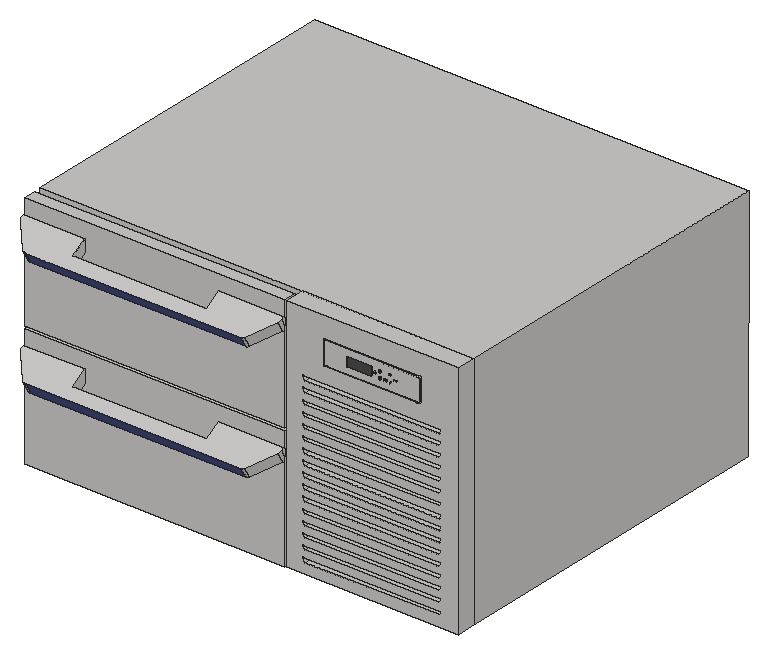
Revit family "QF_ELECTROLUXPROFESSIONAL_589680_MC6HDAJOBO", category Attrezzature speciali, Revit 2020
Family settings
  Quota connettore circolare = Usa diametro
  Tipo di parte = Normale
  Basato su piano di lavoro = No
  Sempre verticale = Sì
  Taglio con vuoti quando caricato = No
  Condiviso = No
  Punto di calcolo locali = No
Parameters (values of type "Standard")
  Weight = 130.00 kg
  Watts = 480 W
  Volts = 220 V
  URL Manufacturer = "https://www.electroluxprofessional.com/"
  URL = "https://www.electroluxprofessional.com/"
  Steam Supply Size = 0"
  Steam Supply Minimum Pressure = 0.00 psi
  Steam Supply Maximum Pressure = 0.00 psi
  Steam Consumption per Hour = 0
  Refrigeration Suction Line Size = 0 mm
  Refrigeration Liquid Line Size = 0 mm
  Refrigerant Compressor Remote = yes
  Prospetto di default = 0 mm
  Phase = 1
  Modello = "MC6HDAJOBO"
  Produttore = "Electrolux Professional"
  Length Actual = 1000 mm  # constant formula
  Item Number = "589680"
  Hot Water Size = 0"
  Height Actual = 550 mm  # constant formula
  HP = "0.6 HP"
  Gas Size = 0"
  Gas KW = 0
  Gas Input Pressure = 0.0 Btu/h
  Direct Waste Size = 0"
  Descrizione = "REF-FREEZER BASE,2DRAWERS,GN1/1,1S,1000X900X550H - R290"
  Depth Actual = 900 mm  # constant formula
  Cycle = 50 Hz
  Condensate Return Size = 0"
  Compressed Air Volume = 0 GPM
  Compressed Air Size = 0"
  Compressed Air Pressure = 0.00 psi
  Cold Water Size = 0"
  Accessory = yes
Reference planes
  plane 1 "BACK": y = 0
  plane 2: z = 0
  plane 3 "LEFT": x = -100
  plane 4 "RIGHT": x = 900
  plane 5 "FRONT": y = -900
  plane 6 "TOP": z = 900
  plane 7 "Center (Left/Right)": x = 400
  plane 8: y = -450
  plane 9: z = 100
  plane 10: y = -150
  plane 11 "Panel": y = -835
  plane 12: z = 798
  plane 13: x = -22
  plane 14: x = 822
  plane 15: y = -150
  plane 16: y = -650
  plane 17 "EIx": x = 770
  plane 18 "EIy": y = -85
  plane 19: z = 650
  plane 20 "GasX": x = 670
  plane 21 "EI2x": x = 600
  plane 22: y = -45
  plane 23: y = -880
Forms (mm)
  Extrusion 1, solid, material "QF_Finishes_Stainless Steel"
    sketch origin (-488.969, -4662, 100) x (-1, 0, 0) y (0, -1, 0)
      loop
        circle (-1258.969, -4577) r 6.35
    from 0 to -11.851
  Extrusion 2, solid, material "QF_Finishes_Stainless Steel"
    sketch origin (-178.969, -4572, 100) x (-1, 0, 0) y (0, -1, 0)
      loop
        line (-78.969, -4527) -> (-78.969, -3737) -> (-1078.969, -3737) -> (-1078.969, -4527) -> (-78.969, -4527)
    from 550 to 0
  Extrusion 3, solid, material "QF_Finishes_Stainless Steel"
    sketch origin (-658.969, -4662, 100) x (-1, 0, 0) y (0, -1, 0)
      loop
        circle (-1258.969, -4577) r 6.35
    from 0 to -11.851
  Extrusion 4, solid, material "QF_Finishes_Stainless Steel"
    sketch origin (-588.969, -4662, 100) x (-1, 0, 0) y (0, -1, 0)
      loop
        circle (-1258.969, -4577) r 6.35
    from 0 to -11.851
Lines and regions (mm)
  symbolic lines, style "SpecialityEquipmentHiddenLines"
    curve 1: line (-100, -45, 100) -> (900, -45, 100)
  symbolic lines
    curve 2: line (-100, -900, 100) -> (-100, -45, 100)
    curve 3: line (900, -900, 100) -> (-100, -900, 100)
    curve 4: line (900, -45, 100) -> (900, -900, 100)
Dimensions and locks
  plane 3 "LEFT" to plane 4 "RIGHT" = 1000 mm
  locked: plane 5 "FRONT" to plane 1 "BACK" at 900
  equal spacing: plane 3 "LEFT", plane 7 "Center (Left/Right)", plane 4 "RIGHT"
  equal spacing: plane 5 "FRONT", plane 8, plane 1 "BACK"
  plane 6 "TOP" to level = 900 mm  (x2)
  plane 9 to level = 100 mm
  plane 1 "BACK" to plane 10 to plane 11 "Panel" = 150 mm, 685 mm  (x2)
  plane 6 "TOP" to plane 9 to level = 800 mm, 100 mm
  plane 1 "BACK" to Extrusion 1 = 85 mm
  plane 13 to plane 3 "LEFT" = 78 mm
  plane 14 to plane 4 "RIGHT" = 78 mm
  locked: plane 1 "BACK" to plane 15 at 150
  locked: plane 15 to plane 16 at 500
  plane 11 "Panel" to plane 5 "FRONT" = 65 mm
  locked: plane 18 "EIy" to plane 1 "BACK" at 85
  plane 19 to plane 9 = 550 mm
  locked: plane 20 "GasX" to plane 4 "RIGHT" at 230
  locked: plane 17 "EIx" to plane 4 "RIGHT" at 130
  locked: plane 21 "EI2x" to plane 4 "RIGHT" at 300
  plane 1 "BACK" to plane 5 "FRONT" = 900 mm
  locked: plane 1 "BACK" to plane 22 at 45
  plane 5 "FRONT" to plane 23 = 20 mm
  plane 11 "Panel" to plane 23 = 45 mm
  aligned and locked: level to plane 2
  aligned and locked: nested 1 to plane 4 "RIGHT"
  aligned and locked: plane 3 "LEFT" to nested 2
  aligned and locked: plane 19 to nested 1
  aligned and locked: plane 22 to Extrusion 2
  aligned and locked: plane 11 "Panel" to nested 1
  aligned and locked: Extrusion 2 to plane 11 "Panel"  (x2)
Automatic sketch dimensions
  plane 1 "BACK" to curve 1 = 45 mm
  curve 1 to plane 4 "RIGHT" = 0 mm
  curve 3 to plane 3 "LEFT" = 0 mm
  plane 5 "FRONT" to curve 3 = 0 mm
  Extrusion 1 sketch curve to plane 17 "EIx" = 0 mm
  Extrusion 1 sketch curve to plane 18 "EIy" = 0 mm
  Extrusion 2 sketch curve to plane 4 "RIGHT" = 0 mm
  Extrusion 2 sketch curve to plane 3 "LEFT" = 0 mm
  Extrusion 2 sketch curve to plane 11 "Panel" = 0 mm
  plane 18 "EIy" to Extrusion 2 sketch curve = 40 mm
  Extrusion 3 sketch curve to plane 18 "EIy" = 0 mm
  Extrusion 3 sketch curve to plane 21 "EI2x" = 0 mm
  Extrusion 4 sketch curve to plane 18 "EIy" = 0 mm
  Extrusion 4 sketch curve to plane 20 "GasX" = 0 mm
  radius of Extrusion 1 sketch curve = 6.35 mm
  radius of Extrusion 3 sketch curve = 6.35 mm
  radius of Extrusion 4 sketch curve = 6.35 mm
Nested families
  nested 1: "QF_ELECTROLUXPROFESSIONAL_REF-FREEZER-UNIT" at (636.133, -835, 394.336) x (1, 0, 0) z (0, -1, 0), type "QF_ELECTROLUXPROFESSIONAL_REF-FREEZER-UNIT"
    with Show Logo yes
  nested 2: "Drawer_W600_Ref_Freezer" at (205, -835, 0), type "Drawer_W600_Ref_Freezer"
Connectors
  electrical at (770, -85, 88.149)
    settings: on Extrusion 1, index 1, voltage 400 V, apparent load 33000 VA, apparent load phase1 0 VA, apparent load phase2 0 VA, apparent load phase3 0 VA, power factor 1, load classification "Other", number of poles 1, system type 30, power factor state 1, is connector primary yes, connector utility no, sub classification motor no, connector description "ELECTRICAL CONNECTION"
  piping at (670, -85, 88.149), diameter 12.7
    settings: on Extrusion 4, index 2, connector inside diameter 24", connector length 0 mm, flow factor 0, pipe flow 0 GPM, pressure drop 0.00 psi, fitting loss kfactor 0, connector angle 0.00°, fixture units 0, engagement length 0 mm, angle of deflection 0.00°, flow configuration 1, flow direction 1, fitting loss method 0, system type 7, joint type 0, gender type 0, connector reference index -1, connector utility 0, adjustable connector no, is connector primary yes, connector description "Gas connection"
  electrical at (600, -85, 88.149)
    settings: on Extrusion 3, index 3, voltage 0 V, apparent load 0 VA, apparent load phase1 0 VA, apparent load phase2 0 VA, apparent load phase3 0 VA, power factor 1, load classification "Other", number of poles 1, system type 30, power factor state 1, is connector primary no, connector utility no, sub classification motor no, connector description "Electrical connection"
Definition of nested family "QF_ELECTROLUXPROFESSIONAL_REF-FREEZER-UNIT"
  Parameters
    Width = 395 mm
    Show Logo [instance] = yes
    Height = 550 mm
    Depth = 45 mm
    Default Elevation = 100 mm
  Reference planes
    plane 1 "Centro (Fronte/Retro)": y = -19.336
    plane 2: z = 0
    plane 3 "Centro (Sinistra/Destra)": x = 66.367
    plane 4 "Back": y = -294.336
    plane 5 "Top": y = 255.664
    plane 6 "Left": x = -131.133
    plane 7 "Right": x = 263.867
    plane 8 "Panel": z = 45
  Forms (mm)
    Extrusion 1, solid
      sketch origin (0, 0, 0) x (1, 0, 0) y (0, 1, 0)
        loop
          line (-1219.2, 1219.2) -> (-1219.2, -1219.2) -> (1219.2, -1219.2) -> (1219.2, 1219.2) -> (-1219.2, 1219.2)
      from 0 to -304.8
    Extrusion 2, solid
      sketch origin (66.367, 0, 0) x (0, 1, 0) y (0, 0, 1)
        loop
          line (-294.336, 45) -> (-294.336, 0) -> (255.664, 0) -> (255.664, 45) -> (-294.336, 45)
      from -197.5 to 197.5
    Sweep 3, solid
      path origin (0, 0, 0) x (1, 0, 0) y (0, 1, 0)
        loop
          line (175.167, 207.994) -> (-42.833, 207.994)
          arc (-42.833, 207.994) -> (-44.954, 207.115) -> (-45.833, 204.994) r 3
          line (-45.833, 204.994) -> (-45.833, 154.894)
          arc (-45.833, 154.894) -> (-44.954, 152.772) -> (-42.833, 151.894) r 3
          line (-42.833, 151.894) -> (175.167, 151.894)
          arc (175.167, 151.894) -> (177.289, 152.772) -> (178.167, 154.894) r 3
          line (178.167, 154.894) -> (178.167, 204.994)
          arc (178.167, 204.994) -> (177.289, 207.115) -> (175.167, 207.994) r 3
      profile origin (66.167, 207.994, 0) x (0, -1, 0) y (0, 0, 1)
        loop
          line (0, 45.003) -> (2, 45.003) -> (2, 47.003)
          arc (2, 47.003) -> (0.586, 46.417) -> (0, 45.003) r 2
    Extrusion 4, solid
      sketch origin (0, 0, 45) x (-1, 0, 0) y (0, -1, 0)
        loop
          arc (42.333, -206.244) -> (43.575, -205.726) -> (44.083, -204.479) r 1.75
          line (44.083, -204.479) -> (44.083, -155.379)
          arc (44.083, -155.379) -> (43.57, -154.156) -> (42.346, -153.644) r 1.75
          line (42.346, -153.644) -> (-174.654, -153.644)
          arc (-174.654, -153.644) -> (-175.9, -154.152) -> (-176.417, -155.394) r 1.75
          line (-176.417, -155.394) -> (-176.417, -204.494)
          arc (-176.417, -204.494) -> (-175.905, -205.731) -> (-174.667, -206.244) r 1.75
          line (-174.667, -206.244) -> (42.333, -206.244)
        loop
          arc (-9.317, -170.644) -> (-9.611, -169.937) -> (-10.317, -169.644) r 1.002
          line (-10.317, -169.644) -> (-63.917, -169.644)
          arc (-63.917, -169.644) -> (-64.621, -169.935) -> (-64.917, -170.637) r 1.002
          line (-64.917, -170.637) -> (-64.917, -189.751)
          arc (-64.917, -189.751) -> (-64.621, -190.453) -> (-63.917, -190.744) r 1.002
          line (-63.917, -190.744) -> (-10.317, -190.744)
          arc (-10.317, -190.744) -> (-9.611, -190.45) -> (-9.317, -189.744) r 1.002
          line (-9.317, -189.744) -> (-9.317, -170.644)
        loop
          line (-72.717, -183.367) -> (-69.06, -177.032) -> (-76.375, -177.032) -> (-72.717, -183.367)
        loop
          circle (-84.616, -187.247) r 3.169
        loop
          circle (-84.616, -173.141) r 3.169
        loop
          line (-93.382, -170.679) -> (-99.425, -170.679) -> (-99.425, -175.679) -> (-93.382, -175.679) -> (-93.382, -170.679)
        loop
          line (-106.292, -171.416) -> (-108.401, -170.022) -> (-110.543, -171.427) -> (-110.543, -173.081) -> (-108.414, -171.678) -> (-106.292, -173.081) -> (-106.292, -171.416)
        loop
          line (-106.172, -187.306) -> (-108.366, -188.753) -> (-110.527, -187.306) -> (-110.527, -189.011) -> (-108.366, -190.44) -> (-106.172, -189) -> (-106.172, -187.306)
        loop
          line (-117.509, -181.558) -> (-117.509, -179.018) -> (-122.899, -179.018) -> (-122.899, -181.558) -> (-117.509, -181.558)
      from 0 to 2.003
    Extrusion 5, solid
      sketch origin (0, 0, 45) x (-1, 0, 0) y (0, -1, 0)
        loop
          arc (-64.917, -189.751) -> (-64.621, -190.453) -> (-63.915, -190.744) r 1.002
          line (-63.915, -190.744) -> (-10.319, -190.744)
          arc (-10.319, -190.744) -> (-9.611, -190.45) -> (-9.317, -189.742) r 1.002
          line (-9.317, -189.742) -> (-9.317, -170.646)
          arc (-9.317, -170.646) -> (-9.611, -169.937) -> (-10.319, -169.644) r 1.002
          line (-10.319, -169.644) -> (-63.917, -169.644)
          arc (-63.917, -169.644) -> (-64.621, -169.935) -> (-64.917, -170.637) r 1.002
          line (-64.917, -170.637) -> (-64.917, -189.751)
      from 0 to 2.003
    Extrusion 6, solid
      sketch origin (0, 0, 45) x (-1, 0, 0) y (0, -1, 0)
        loop
          line (-69.06, -177.032) -> (-76.375, -177.032) -> (-72.717, -183.367) -> (-69.06, -177.032)
        loop
          circle (-84.616, -187.247) r 3.169
        loop
          circle (-84.616, -173.141) r 3.169
        loop
          line (-99.425, -170.679) -> (-99.425, -175.679) -> (-93.382, -175.679) -> (-93.382, -170.679) -> (-99.425, -170.679)
        loop
          line (-108.401, -170.022) -> (-110.543, -171.427) -> (-110.543, -173.081) -> (-108.414, -171.678) -> (-106.292, -173.081) -> (-106.292, -171.416) -> (-108.401, -170.022)
        loop
          line (-122.899, -179.018) -> (-122.899, -181.558) -> (-117.509, -181.558) -> (-117.509, -179.018) -> (-122.899, -179.018)
        loop
          line (-108.366, -188.753) -> (-110.527, -187.306) -> (-110.527, -189.011) -> (-108.366, -190.44) -> (-106.172, -189) -> (-106.172, -187.306) -> (-108.366, -188.753)
      from 0 to 2
    Extrusion 7, void
      sketch origin (0, 0, 45) x (-1, 0, 0) y (0, -1, 0)
        loop
          line (93.805, -115.164) -> (88.954, -105.485) -> (-221.688, -105.485) -> (-226.538, -115.164) -> (93.805, -115.164)
        loop
          line (93.805, -90.163) -> (88.954, -80.484) -> (-221.688, -80.484) -> (-226.538, -90.163) -> (93.805, -90.163)
        loop
          line (93.805, -65.163) -> (88.954, -55.485) -> (-221.688, -55.485) -> (-226.538, -65.163) -> (93.805, -65.163)
        loop
          line (93.805, -40.164) -> (88.954, -30.485) -> (-221.688, -30.485) -> (-226.538, -40.164) -> (93.805, -40.164)
        loop
          line (93.805, -15.163) -> (88.954, -5.484) -> (-221.688, -5.484) -> (-226.538, -15.163) -> (93.805, -15.163)
        loop
          line (93.805, 9.837) -> (88.954, 19.516) -> (-221.688, 19.516) -> (-226.538, 9.837) -> (93.805, 9.837)
        loop
          line (93.805, 34.836) -> (88.954, 44.515) -> (-221.688, 44.515) -> (-226.538, 34.836) -> (93.805, 34.836)
        loop
          line (93.805, 59.837) -> (88.954, 69.516) -> (-221.688, 69.516) -> (-226.538, 59.837) -> (93.805, 59.837)
        loop
          line (93.805, 84.837) -> (88.954, 94.515) -> (-221.688, 94.515) -> (-226.538, 84.837) -> (93.805, 84.837)
        loop
          line (93.805, 109.836) -> (88.954, 119.515) -> (-221.688, 119.515) -> (-226.538, 109.836) -> (93.805, 109.836)
        loop
          line (93.805, 134.837) -> (88.954, 144.516) -> (-221.688, 144.516) -> (-226.538, 134.837) -> (93.805, 134.837)
        loop
          line (93.805, 159.837) -> (88.954, 169.515) -> (-221.688, 169.515) -> (-226.538, 159.837) -> (93.805, 159.837)
        loop
          line (93.805, 184.837) -> (88.954, 194.515) -> (-221.688, 194.515) -> (-226.538, 184.837) -> (93.805, 184.837)
        loop
          line (93.805, 209.837) -> (88.954, 219.516) -> (-221.688, 219.516) -> (-226.538, 209.837) -> (93.805, 209.837)
        loop
          line (93.805, 234.837) -> (88.954, 244.515) -> (-221.688, 244.515) -> (-226.538, 234.837) -> (93.805, 234.837)
        loop
          line (93.805, 259.836) -> (88.954, 269.515) -> (-221.688, 269.515) -> (-226.538, 259.836) -> (93.805, 259.836)
      from 11.086 to -14.08
  Cuts and joins
    Extrusion 7 cuts Extrusion 2
  Lines and regions (mm)
    symbolic lines
      curve 1: line (-131.133, -294.336, 0) -> (-131.133, -294.336, 45)
  Dimensions and locks
    "Height": plane 5 "Top" to plane 4 "Back"
    equal spacing: plane 5 "Top", plane 1 "Centro (Fronte/Retro)", plane 4 "Back"
    "Width": plane 6 "Left" to plane 7 "Right"
    equal spacing: plane 6 "Left", plane 3 "Centro (Sinistra/Destra)", plane 7 "Right"
    plane 8 "Panel" to level = 45 mm
    aligned and locked: plane 2 to Extrusion 1
    aligned and locked: level to Extrusion 1
    aligned and locked: plane 5 "Top" to Extrusion 2 sketch curve
    aligned and locked: Extrusion 2 sketch curve to plane 4 "Back"
    aligned and locked: Extrusion 2 sketch curve to plane 8 "Panel"
    aligned and locked: Extrusion 2 sketch curve to Extrusion 1
  Automatic sketch dimensions
    Extrusion 1 sketch curve to Extrusion 1 sketch curve = 2438.4 mm  (x2)
    plane 6 "Left" to Sweep 3 sketch curve = 88.301 mm
    Sweep 3 sketch curve to plane 5 "Top" = 50.67 mm
    Sweep 3 sketch curve to Sweep 3 sketch curve = 3 mm  (x4)
    Sweep 3 sketch curve to plane 7 "Right" = 88.699 mm
    Sweep 3 sketch curve to Sweep 3 sketch curve = 50.1 mm
    Sweep 3 sketch curve to Sweep 3 sketch curve = 0 mm  (x2)
    Sweep 3 sketch curve to profile plane = 2 mm
    level to Sweep 3 sketch curve = 45.003 mm
    Sweep 3 sketch curve to profile plane = 0 mm
    Extrusion 5 sketch curve to plane 3 "Centro (Sinistra/Destra)" = 1.449 mm
    Extrusion 5 sketch curve to Extrusion 5 sketch curve = 1.002 mm  (x4)
    Extrusion 5 sketch curve to Extrusion 5 sketch curve = 0 mm  (x9)
    Extrusion 5 sketch curve to Extrusion 5 sketch curve = 53.596 mm
    Extrusion 5 sketch curve to plane 5 "Top" = 64.92 mm
    Extrusion 5 sketch curve to Extrusion 5 sketch curve = 0.993 mm
    Extrusion 5 sketch curve to Extrusion 5 sketch curve = 0.009 mm  (x2)
    Extrusion 5 sketch curve to Extrusion 5 sketch curve = 19.096 mm  (x2)
    Extrusion 5 sketch curve to Extrusion 5 sketch curve = 0.03 mm
    Extrusion 5 sketch curve to Extrusion 5 sketch curve = 0.028 mm
    Extrusion 4 sketch curve to plane 7 "Right" = 89.199 mm
    Extrusion 4 sketch curve to Extrusion 4 sketch curve = 0 mm  (x24)
    Extrusion 4 sketch curve to Extrusion 4 sketch curve = 0.013 mm  (x3)
    plane 3 "Centro (Sinistra/Destra)" to Extrusion 4 sketch curve = 56.533 mm
    Extrusion 4 sketch curve to Extrusion 4 sketch curve = 5.391 mm
    Extrusion 4 sketch curve to Extrusion 4 sketch curve = 6.966 mm
    Extrusion 4 sketch curve to Extrusion 4 sketch curve = 6.982 mm
    Extrusion 4 sketch curve to Extrusion 4 sketch curve = 2.129 mm
    Extrusion 4 sketch curve to Extrusion 4 sketch curve = 2.16 mm
    Extrusion 4 sketch curve to Extrusion 4 sketch curve = 2.122 mm
    Extrusion 4 sketch curve to Extrusion 4 sketch curve = 2.194 mm
    Extrusion 4 sketch curve to Extrusion 4 sketch curve = 6.867 mm
    Extrusion 4 sketch curve to Extrusion 4 sketch curve = 6.043 mm
    Extrusion 4 sketch curve to Extrusion 4 sketch curve = 8.767 mm  (x2)
    Extrusion 4 sketch curve to Extrusion 4 sketch curve = 8.241 mm
    plane 3 "Centro (Sinistra/Destra)" to Extrusion 4 sketch curve = 6.351 mm
    plane 3 "Centro (Sinistra/Destra)" to Extrusion 4 sketch curve = 2.693 mm
    Extrusion 4 sketch curve to plane 3 "Centro (Sinistra/Destra)" = 1.449 mm
    Extrusion 4 sketch curve to Extrusion 4 sketch curve = 1.002 mm  (x4)
    Extrusion 4 sketch curve to Extrusion 4 sketch curve = 53.596 mm
    Extrusion 4 sketch curve to Extrusion 4 sketch curve = 52.652 mm
    Extrusion 4 sketch curve to Extrusion 4 sketch curve = 1.75 mm  (x2)
    Extrusion 4 sketch curve to plane 5 "Top" = 51.17 mm  (x2)
    Extrusion 4 sketch curve to Extrusion 4 sketch curve = 0.015 mm  (x2)
    Extrusion 4 sketch curve to plane 5 "Top" = 65.223 mm
    Extrusion 4 sketch curve to Extrusion 4 sketch curve = 0.69 mm
    Extrusion 4 sketch curve to Extrusion 4 sketch curve = 0.009 mm  (x2)
    Extrusion 4 sketch curve to Extrusion 4 sketch curve = 1.429 mm
    Extrusion 4 sketch curve to Extrusion 4 sketch curve = 1.44 mm
    Extrusion 4 sketch curve to Extrusion 4 sketch curve = 1.687 mm
    Extrusion 4 sketch curve to Extrusion 4 sketch curve = 1.694 mm
    Extrusion 4 sketch curve to Extrusion 4 sketch curve = 1.706 mm
    Extrusion 4 sketch curve to Extrusion 4 sketch curve = 2.504 mm
    Extrusion 4 sketch curve to Extrusion 4 sketch curve = 6.383 mm
    Extrusion 4 sketch curve to Extrusion 4 sketch curve = 5.748 mm
    Extrusion 4 sketch curve to Extrusion 4 sketch curve = 2.539 mm
    Extrusion 4 sketch curve to Extrusion 4 sketch curve = 6.335 mm
    Extrusion 4 sketch curve to Extrusion 4 sketch curve = 11.568 mm
    Extrusion 4 sketch curve to Extrusion 4 sketch curve = 3.891 mm
    Extrusion 4 sketch curve to Extrusion 4 sketch curve = 5.937 mm
    Extrusion 4 sketch curve to Extrusion 4 sketch curve = 1.404 mm
    Extrusion 4 sketch curve to Extrusion 4 sketch curve = 1.654 mm
    Extrusion 4 sketch curve to Extrusion 4 sketch curve = 1.665 mm
    Extrusion 4 sketch curve to Extrusion 4 sketch curve = 5 mm
    Extrusion 4 sketch curve to Extrusion 4 sketch curve = 6.386 mm
    Extrusion 4 sketch curve to Extrusion 4 sketch curve = 19.096 mm
    Extrusion 4 sketch curve to Extrusion 4 sketch curve = 1.656 mm
    Extrusion 4 sketch curve to Extrusion 4 sketch curve = 49.1 mm  (x2)
    Extrusion 4 sketch curve to Extrusion 4 sketch curve = 0.002 mm  (x5)
    plane 3 "Centro (Sinistra/Destra)" to Extrusion 6 sketch curve = 56.533 mm
    Extrusion 6 sketch curve to Extrusion 6 sketch curve = 5.391 mm
    Extrusion 6 sketch curve to Extrusion 6 sketch curve = 6.966 mm
    Extrusion 6 sketch curve to Extrusion 6 sketch curve = 6.982 mm
    Extrusion 6 sketch curve to Extrusion 6 sketch curve = 2.129 mm
    Extrusion 6 sketch curve to Extrusion 6 sketch curve = 0.013 mm
    Extrusion 6 sketch curve to Extrusion 6 sketch curve = 2.16 mm
    Extrusion 6 sketch curve to Extrusion 6 sketch curve = 0 mm  (x2)
    Extrusion 6 sketch curve to Extrusion 6 sketch curve = 2.122 mm
    Extrusion 6 sketch curve to Extrusion 6 sketch curve = 2.194 mm
    Extrusion 6 sketch curve to Extrusion 6 sketch curve = 6.867 mm
    Extrusion 6 sketch curve to Extrusion 6 sketch curve = 6.043 mm
    Extrusion 6 sketch curve to Extrusion 6 sketch curve = 8.767 mm  (x2)
    Extrusion 6 sketch curve to Extrusion 6 sketch curve = 8.241 mm
    plane 3 "Centro (Sinistra/Destra)" to Extrusion 6 sketch curve = 6.351 mm
    plane 3 "Centro (Sinistra/Destra)" to Extrusion 6 sketch curve = 2.693 mm
    Extrusion 6 sketch curve to plane 5 "Top" = 65.223 mm
    Extrusion 6 sketch curve to Extrusion 6 sketch curve = 1.429 mm
    Extrusion 6 sketch curve to Extrusion 6 sketch curve = 1.44 mm
    Extrusion 6 sketch curve to Extrusion 6 sketch curve = 1.687 mm
    Extrusion 6 sketch curve to Extrusion 6 sketch curve = 1.706 mm
    Extrusion 6 sketch curve to Extrusion 6 sketch curve = 1.694 mm
    Extrusion 6 sketch curve to Extrusion 6 sketch curve = 0.059 mm
    Extrusion 6 sketch curve to Extrusion 6 sketch curve = 3.88 mm
    Extrusion 6 sketch curve to Extrusion 6 sketch curve = 5.748 mm
    Extrusion 6 sketch curve to Extrusion 6 sketch curve = 2.539 mm
    Extrusion 6 sketch curve to Extrusion 6 sketch curve = 6.335 mm
    Extrusion 6 sketch curve to Extrusion 6 sketch curve = 11.568 mm
    Extrusion 6 sketch curve to Extrusion 6 sketch curve = 3.891 mm
    Extrusion 6 sketch curve to Extrusion 6 sketch curve = 5.937 mm
    Extrusion 6 sketch curve to Extrusion 6 sketch curve = 1.404 mm
    Extrusion 6 sketch curve to Extrusion 6 sketch curve = 1.654 mm
    Extrusion 6 sketch curve to Extrusion 6 sketch curve = 1.665 mm
    Extrusion 6 sketch curve to Extrusion 6 sketch curve = 5 mm
    Extrusion 6 sketch curve to Extrusion 6 sketch curve = 1.656 mm
    Extrusion 7 sketch curve to plane 7 "Right" = 37.328 mm  (x2)
    Extrusion 7 sketch curve to Extrusion 7 sketch curve = 0 mm  (x25)
    plane 1 "Centro (Fronte/Retro)" to Extrusion 7 sketch curve = 15.5 mm
    Extrusion 7 sketch curve to plane 1 "Centro (Fronte/Retro)" = 9.5 mm
    Extrusion 7 sketch curve to Extrusion 7 sketch curve = 4.851 mm  (x32)
    plane 1 "Centro (Fronte/Retro)" to Extrusion 7 sketch curve = 0.179 mm
    plane 6 "Left" to Extrusion 7 sketch curve = 42.179 mm  (x5)
    Extrusion 7 sketch curve to Extrusion 7 sketch curve = 15.321 mm  (x14)
    Extrusion 7 sketch curve to Extrusion 7 sketch curve = 9.679 mm  (x15)
    curve 1 to plane 6 "Left" = 0 mm
    curve 1 to level = 0 mm
    curve 1 to plane 8 "Panel" = 0 mm
    radius of Extrusion 4 sketch curve = 3.169 mm  (x2)
    radius of Extrusion 6 sketch curve = 3.169 mm  (x2)
Definition of nested family "Drawer_W600_Ref_Freezer"
  Parameters
    Width = 600 mm
    Default Elevation = 0 mm
    Foro = 310 mm
    BordoCassetto = 118 mm
    BordoBattuta = 89 mm
  Reference planes
    plane 1 "Ref. Level": z = 0
    plane 2 "Center (Left/Right)": x = -5
    plane 3 "Left": x = -305
    plane 4 "Right": x = 295
    plane 5 "Top": z = 650
    plane 6 "Base": z = 100
    plane 7: z = 380
    plane 8 "BaseUp": z = 385
    plane 9 "ManopolaLow": through (-6096, -70.559, 332.255) normal (0, -0.515, 0.8572)
    plane 10 "ManopolaUp2": through (-6096, -614.412, 604.849) normal (0, -0.515, 0.8572)
    plane 11 "ManopolaLow2": through (-6096, -616.076, 332.255) normal (0, -0.515, 0.8572)
    plane 12: y = -640
    plane 13: y = -655
    plane 14 "ManopolaUp": through (-6096, -70.559, 602.255) normal (0, -0.515, 0.8572)
    plane 15: y = -15
    plane 16: y = -60
    plane 17: y = 840
    plane 18: x = -185
    plane 19: x = 175
    plane 20: x = -216
    plane 21: x = 206
    plane 22: x = -160
    plane 23: x = 150
  Forms (mm)
    Extrusion 1, solid
      sketch origin (-5, 84, 0) x (0, 1, 0) y (0, 0, 1)
        loop
          line (-129.03, 650) -> (-129.03, 385) -> (-99, 385) -> (-99, 650) -> (-129.03, 650)
      from -300 to 300
    Extrusion 2, solid
      sketch origin (-5, 84, -270) x (0, 1, 0) y (0, 0, 1)
        loop
          line (-129.03, 650) -> (-129.03, 370) -> (-99, 370) -> (-99, 650) -> (-129.03, 650)
      from -300 to 300
    Extrusion 3, solid, detail levels coarse
      sketch origin (-5, -464.17, -270) x (0, 1, 0) y (0, 0, 1)
        loop
          line (-129.03, 650) -> (-129.03, 370) -> (-101.83, 370) -> (-101.83, 650) -> (-129.03, 650)
      from -300 to 300
    Extrusion 4, solid, detail levels coarse
      sketch origin (-5, -464.17, 15) x (0, 1, 0) y (0, 0, 1)
        loop
          line (-129.03, 635) -> (-129.03, 370) -> (-101.83, 370) -> (-101.83, 635) -> (-129.03, 635)
      from -300 to 300
    Extrusion 5, solid, detail levels coarse
      sketch origin (0, 0, 100) x (-1, 0, 0) y (0, -1, 0)
        loop
          line (-206, 566) -> (-206, 553) -> (-175, 553) -> (-175, 60) -> (185, 60) -> (185, 553) -> (216, 553) -> (216, 566) -> (-206, 566)
      from 246 to 22
    Extrusion 6, solid, detail levels coarse
      sketch origin (0, 0, 385) x (0, 1, 0) y (-1, 0, 0)
        loop
          line (-566, -206) -> (-553, -206) -> (-553, -175) -> (-60, -175) -> (-60, 185) -> (-553, 185) -> (-553, 216) -> (-566, 216) -> (-566, -206)
      from 22 to 230
    Extrusion 7, solid
      sketch origin (0, 104.5, 100) x (-1, 0, 0) y (0, -1, 0)
        loop
          line (185, 119.5) -> (-175, 119.5) -> (-175, 104) -> (185, 104) -> (185, 119.5)
      from 22 to 246
    Extrusion 8, solid
      sketch origin (0, 104.5, 385) x (0, 1, 0) y (-1, 0, 0)
        loop
          line (-119.5, 185) -> (-119.5, -175) -> (-104.5, -175) -> (-104.5, 185) -> (-119.5, 185)
      from 22 to 230
  Lines and regions (mm)
    symbolic lines
      curve 1: line (-305, -149.043, 0) -> (-305, -514.03, 0)
      curve 2: line (295, -514.03, 0) -> (295, -149.03, 0)
      curve 3: line (-305, -655, 0) -> (-305, -689.743, 0)
      curve 4: line (175, -106.83, 0) -> (175, -553, 0)
      curve 5: line (295, -689.743, 0) -> (295, -690, 0)
      curve 6: line (206, -553, 0) -> (175, -553, 0)
      curve 7: line (206, -566, 0) -> (206, -553, 0)
      curve 8: line (-216, -553, 0) -> (-216, -566, 0)
      curve 9: line (-185, -553, 0) -> (-216, -553, 0)
      curve 10: line (-185, -60, 0) -> (-185, -553, 0)
      curve 11: line (295, -566, 0) -> (-305, -566, 0)
      curve 12: line (-305, -566, 0) -> (-305, -605.1, 0)
      curve 13: line (295, -566, 0) -> (295, -605.1, 0)
      curve 14: line (-305, -593.2, 0) -> (295, -593.2, 0)
  Dimensions and locks
    plane 6 "Base" to plane 5 "Top" = 550 mm
    plane 6 "Base" to level = 100 mm
    plane 6 "Base" to plane 7 = 280 mm
    plane 5 "Top" to plane 8 "BaseUp" = 265 mm
    plane 8 "BaseUp" to plane 7 = 5 mm
    "Width": plane 4 "Right" to plane 3 "Left"
    equal spacing: plane 4 "Right", plane 2 "Center (Left/Right)", plane 3 "Left"
    plane 17 to plane 13 = 1495 mm
    plane 17 to plane 15 = 855 mm
    plane 15 to plane 16 = 45 mm
    locked: plane 18 to plane 3 "Left" at 120
    locked: plane 19 to plane 4 "Right" at 120
    "Foro": plane 22 to plane 23
    plane 22 to nested 4 to plane 23 = 155 mm, 155 mm
    "BordoBattuta": plane 21 to plane 4 "Right"
    "BordoBattuta": plane 20 to plane 3 "Left"
    aligned and locked: Extrusion 6 to plane 18
    aligned and locked: Extrusion 4 to plane 3 "Left"
    aligned and locked: Extrusion 1 to plane 3 "Left"
    aligned and locked: Extrusion 4 to plane 4 "Right"
    aligned and locked: Extrusion 1 to plane 4 "Right"
    aligned and locked: Extrusion 3 to plane 4 "Right"
    aligned and locked: Extrusion 3 to plane 3 "Left"
    aligned and locked: Extrusion 2 to plane 3 "Left"
    aligned and locked: Extrusion 2 to plane 4 "Right"
    aligned and locked: Extrusion 6 to plane 20
    aligned and locked: Extrusion 5 to plane 20
    aligned and locked: Extrusion 6 to plane 21
    aligned and locked: Extrusion 5 to plane 21
    aligned and locked: plane 19 to Extrusion 6
    aligned and locked: curve 7 to plane 21
    aligned and locked: curve 10 to Extrusion 6
    aligned and locked: curve 4 to Extrusion 6
    aligned and locked: plane 2 "Center (Left/Right)" to nested 3
    aligned and locked: nested 4 to nested 3
    aligned and locked: plane 2 "Center (Left/Right)" to nested 2
  Automatic sketch dimensions
    Extrusion 1 sketch curve to plane 8 "BaseUp" = 0 mm
    Extrusion 1 sketch curve to plane 5 "Top" = 0 mm
    Extrusion 1 sketch curve to plane 15 = 0 mm
    plane 16 to Extrusion 1 sketch curve = 14.97 mm
    plane 6 "Base" to Extrusion 2 sketch curve = 0 mm
    Extrusion 2 sketch curve to plane 7 = 0 mm
    Extrusion 2 sketch curve to plane 15 = 0 mm
    plane 16 to Extrusion 2 sketch curve = 14.97 mm
    plane 6 "Base" to Extrusion 3 sketch curve = 0 mm
    Extrusion 3 sketch curve to plane 7 = 0 mm
    Extrusion 3 sketch curve to plane 12 = 46.8 mm
    Extrusion 3 sketch curve to Extrusion 3 sketch curve = 27.2 mm
    Extrusion 4 sketch curve to plane 8 "BaseUp" = 0 mm
    Extrusion 4 sketch curve to plane 5 "Top" = 0 mm
    Extrusion 4 sketch curve to plane 12 = 46.8 mm
    Extrusion 4 sketch curve to Extrusion 4 sketch curve = 27.2 mm
    Extrusion 5 sketch curve to plane 16 = 0 mm
    plane 4 "Right" to Extrusion 5 sketch curve = 89 mm
    Extrusion 5 sketch curve to Extrusion 5 sketch curve = 31 mm  (x2)
    plane 3 "Left" to Extrusion 5 sketch curve = 120 mm
    Extrusion 5 sketch curve to plane 12 = 87 mm  (x2)
    Extrusion 5 sketch curve to Extrusion 5 sketch curve = 13 mm
    Extrusion 6 sketch curve to plane 16 = 0 mm
    Extrusion 6 sketch curve to plane 12 = 87 mm  (x2)
    Extrusion 6 sketch curve to Extrusion 6 sketch curve = 13 mm
    plane 4 "Right" to Extrusion 6 sketch curve = 89 mm
    Extrusion 6 sketch curve to Extrusion 6 sketch curve = 31 mm  (x2)
    plane 3 "Left" to Extrusion 6 sketch curve = 120 mm
    Extrusion 7 sketch curve to plane 15 = 0 mm
    plane 4 "Right" to Extrusion 7 sketch curve = 120 mm
    plane 3 "Left" to Extrusion 7 sketch curve = 120 mm
    Extrusion 7 sketch curve to Extrusion 7 sketch curve = 15.5 mm
    Extrusion 8 sketch curve to plane 15 = 0 mm
    Extrusion 8 sketch curve to Extrusion 8 sketch curve = 15 mm
    plane 4 "Right" to Extrusion 8 sketch curve = 120 mm
    plane 3 "Left" to Extrusion 8 sketch curve = 120 mm
    curve 1 to plane 3 "Left" = 0 mm
    curve 14 to plane 3 "Left" = 0 mm
    curve 3 to plane 3 "Left" = 0 mm
    curve 5 to plane 4 "Right" = 0 mm
    curve 2 to plane 4 "Right" = 0 mm
    curve 13 to plane 4 "Right" = 0 mm
    curve 3 to plane 13 = 0 mm
    curve 10 to plane 16 = 0 mm
    curve 9 to plane 18 = 31 mm
    curve 11 to plane 12 = 74 mm
    curve 7 to curve 7 = 13 mm
    curve 8 to curve 9 = 13 mm
    curve 3 to curve 3 = 34.743 mm
    curve 5 to plane 13 = 34.743 mm
    curve 5 to curve 5 = 0.257 mm
    curve 13 to plane 12 = 34.9 mm
    curve 12 to plane 12 = 34.9 mm
    curve 12 to curve 14 = 11.9 mm
    curve 11 to curve 1 = 51.97 mm
    curve 11 to curve 2 = 51.97 mm
    curve 1 to plane 16 = 89.043 mm
    curve 2 to plane 16 = 89.03 mm
    curve 4 to plane 16 = 46.83 mm
  Nested families
    nested 1: "Maniglia600" at (0, -20, -9.834), type "Maniglia600"
    nested 2: "Maniglia600" at (0, -20, -279.834), type "Maniglia600"
    nested 3: "Maniglia600_Clearence" at (0, -568.17, -9.834), type "Maniglia600_Clearence"
    nested 4: "Maniglia600_Clearence" at (0, -568.17, -281.429), type "Maniglia600_Clearence"
  Definition of nested family "Maniglia600"
    Parameters
      Width = 600 mm
      Default Elevation = 0 mm
    Reference planes
      plane 1 "Center (Front/Back)": y = 0
      plane 2 "Ref. Level": z = 0
      plane 3 "Center (Left/Right)": x = -5
      plane 4: x = -305
      plane 5: x = 295
      plane 6 "Manopola": through (-6096, -50.059, 612.389) normal (0, -0.515, 0.8572)
      plane 7 "Top": z = 650
      plane 8: z = 265
      plane 9: z = 200
    Forms (mm)
      Extrusion 1, solid
        sketch origin (0, -283.633, 472.044) x (0, 0.857167, 0.515038) y (-1, 0, 0)
          loop
            line (299.12, -295) -> (299.12, 305) -> (290.982, 305)
            arc (290.982, 305) -> (286.677, 304.026) -> (283.211, 301.293) r 10
            line (283.211, 301.293) -> (233.28, 260.86)
            arc (233.28, 260.86) -> (230.548, 257.394) -> (229.574, 253.089) r 10
            line (229.574, 253.089) -> (229.574, -243.089)
            arc (229.574, -243.089) -> (230.548, -247.394) -> (233.28, -250.86) r 10
            line (233.28, -250.86) -> (283.211, -291.293)
            arc (283.211, -291.293) -> (286.677, -294.026) -> (290.982, -295) r 10
            line (290.982, -295) -> (299.12, -295)
        from -27 to 0
      Extrusion 2, void
        sketch origin (-5, 0, 0) x (0, 1, 0) y (0, 0, 1)
          loop
            line (-61.514, 605.507) -> (-47.608, 582.363) -> (-25.03, 595.93) -> (-25.03, 627.429) -> (-61.514, 605.507)
        from -160 to 150
      Extrusion 3, void
        sketch origin (-5, 0, 0) x (0, 1, 0) y (0, 0, 1)
          loop
            line (-25.03, 595.93) -> (-13.331, 602.959) -> (-25.03, 622.429) -> (-25.03, 595.93)
        from -300 to 300
    Cuts and joins
      Extrusion 2, Extrusion 3 cuts Extrusion 1
    Lines and regions (mm)
      symbolic lines
        curve 1: line (-297.355, -45.043, 0) -> (-260.86, -83.673, 0)
        curve 2: line (-253.089, -86.85, 0) -> (243.089, -86.85, 0)
        curve 3: line (250.86, -83.673, 0) -> (287.355, -45.043, 0)
        curve 4: arc (-253.089, -86.85, 0) -> (-257.318, -86.101, 0) -> (-260.86, -83.673, 0) r 10.165
        curve 5: arc (243.089, -86.85, 0) -> (247.318, -86.101, 0) -> (250.86, -83.673, 0) r 10.165
    Dimensions and locks
      plane 9 to level = 200 mm
      plane 8 to plane 9 = 65 mm
      plane 8 to plane 7 "Top" = 385 mm
      plane 7 "Top" to plane 9 = 450 mm
      "Width": plane 4 to plane 5
      equal spacing: plane 4, plane 3 "Center (Left/Right)", plane 5
      aligned and locked: Extrusion 3 to Extrusion 1
      aligned and locked: Extrusion 1 to Extrusion 3
    Automatic sketch dimensions
      plane 4 to curve 1 = 44.14 mm
      curve 4 to curve 4 = 7.389 mm
      curve 1 to curve 2 = 7.771 mm
      plane 5 to curve 2 = 51.911 mm
      curve 2 to curve 5 = 0.382 mm
      curve 2 to curve 3 = 7.771 mm
      plane 1 "Center (Front/Back)" to curve 2 = 86.85 mm
      curve 2 to curve 3 = 3.177 mm
      curve 4 to curve 1 = 3.177 mm
      plane 4 to curve 1 = 7.645 mm
      plane 5 to curve 3 = 7.645 mm
      plane 1 "Center (Front/Back)" to curve 1 = 45.043 mm
      plane 1 "Center (Front/Back)" to curve 3 = 45.043 mm
      Extrusion 1 sketch curve to plane 5 = 0 mm
      Extrusion 1 sketch curve to plane 4 = 0 mm
      plane 4 to Extrusion 1 sketch curve = 51.911 mm
      plane 5 to Extrusion 1 sketch curve = 44.14 mm
      Extrusion 1 sketch curve to Extrusion 1 sketch curve = 3.707 mm  (x2)
      plane 4 to Extrusion 1 sketch curve = 44.14 mm
      Extrusion 1 sketch curve to Extrusion 1 sketch curve = 6.293 mm
      plane 5 to Extrusion 1 sketch curve = 3.707 mm
      Extrusion 1 sketch curve to Extrusion 1 sketch curve = 49.93 mm  (x2)
      plane 4 to Extrusion 1 sketch curve = 3.707 mm
      Extrusion 1 sketch curve to Extrusion 1 sketch curve = 7.771 mm
      plane 4 to Extrusion 1 sketch curve = 10 mm
      Extrusion 1 sketch curve to Extrusion 1 sketch curve = 8.138 mm
      Extrusion 2 sketch curve to plane 6 "Manopola" = 0 mm  (x2)
      Extrusion 2 sketch curve to plane 7 "Top" = 44.493 mm
      Extrusion 2 sketch curve to Extrusion 2 sketch curve = 13.906 mm
      plane 1 "Center (Front/Back)" to Extrusion 2 sketch curve = 25.03 mm
      Extrusion 3 sketch curve to plane 7 "Top" = 27.571 mm
      plane 1 "Center (Front/Back)" to Extrusion 3 sketch curve = 13.331 mm
      Extrusion 3 sketch curve to Extrusion 3 sketch curve = 19.47 mm
      Extrusion 3 sketch curve to Extrusion 3 sketch curve = 7.029 mm
  Definition of nested family "Maniglia600_Clearence"
    Parameters
      Width = 600 mm
      Default Elevation = 0 mm
    Reference planes
      plane 1 "Center (Front/Back)": y = 0
      plane 2 "Ref. Level": z = 0
      plane 3 "Center (Left/Right)": x = -5
      plane 4: x = -305
      plane 5: x = 295
      plane 6 "Manopola": through (-6096, -50.059, 612.389) normal (0, -0.515, 0.8572)
      plane 7 "Top": z = 650
      plane 8: z = 265
      plane 9: z = 200
    Forms (mm)
      Extrusion 1, solid, detail levels coarse
        sketch origin (0, -283.633, 472.044) x (0, 0.857167, 0.515038) y (-1, 0, 0)
          loop
            line (299.12, -295) -> (299.12, 305) -> (290.982, 305)
            arc (290.982, 305) -> (286.677, 304.026) -> (283.211, 301.293) r 10
            line (283.211, 301.293) -> (233.28, 260.86)
            arc (233.28, 260.86) -> (230.548, 257.394) -> (229.574, 253.089) r 10
            line (229.574, 253.089) -> (229.574, -243.089)
            arc (229.574, -243.089) -> (230.548, -247.394) -> (233.28, -250.86) r 10
            line (233.28, -250.86) -> (283.211, -291.293)
            arc (283.211, -291.293) -> (286.677, -294.026) -> (290.982, -295) r 10
            line (290.982, -295) -> (299.12, -295)
        from -27 to 0
      Extrusion 2, void
        sketch origin (-5, 0, 0) x (0, 1, 0) y (0, 0, 1)
          loop
            line (-61.514, 605.507) -> (-47.608, 582.363) -> (-25.03, 595.93) -> (-25.03, 627.429) -> (-61.514, 605.507)
        from -160 to 150
      Extrusion 3, void
        sketch origin (-5, 0, 0) x (0, 1, 0) y (0, 0, 1)
          loop
            line (-25.03, 595.93) -> (-13.331, 602.959) -> (-25.03, 622.429) -> (-25.03, 595.93)
        from -300 to 300
    Cuts and joins
      Extrusion 2, Extrusion 3 cuts Extrusion 1
    Lines and regions (mm)
      symbolic lines
        curve 1: line (-303.91, -38.104, 0) -> (-260.86, -83.673, 0)
        curve 2: line (-253.089, -86.85, 0) -> (243.089, -86.85, 0)
        curve 3: line (250.86, -83.673, 0) -> (291.293, -40.874, 0)
        curve 4: arc (-253.089, -86.85, 0) -> (-257.318, -86.101, 0) -> (-260.86, -83.673, 0) r 10.165
        curve 5: arc (243.089, -86.85, 0) -> (247.318, -86.101, 0) -> (250.86, -83.673, 0) r 10.165
        curve 6: spline (-305, -34.212, 0) -> (-304.973, -34.848, 0) -> (-304.89, -35.479, 0) -> (-304.753, -36.104, 0) -> (-304.563, -36.719, 0) -> (-304.32, -37.319, 0) -> (-304.026, -37.903, 0) -> (-303.682, -38.466, 0) -> (-303.29, -39.006, 0) -> (-302.853, -39.519, 0) -> (-302.373, -40.003, 0) -> (-301.852, -40.456, 0) -> (-301.293, -40.874, 0)
        curve 7: line (-305, -25.03, 0) -> (-305, -34.212, 0)
        curve 8: line (-305, -25.03, 0) -> (-165, -25.03, 0)
        curve 9: line (-165, -25.03, 0) -> (-165, -61.514, 0)
        curve 10: line (295, -34.212, 0) -> (295, -25.03, 0)
        curve 11: spline (291.293, -40.874, 0) -> (291.852, -40.456, 0) -> (292.373, -40.003, 0) -> (292.853, -39.519, 0) -> (293.29, -39.006, 0) -> (293.682, -38.466, 0) -> (294.026, -37.903, 0) -> (294.32, -37.319, 0) -> (294.563, -36.719, 0) -> (294.753, -36.104, 0) -> (294.89, -35.479, 0) -> (294.973, -34.848, 0) -> (295, -34.212, 0)
        curve 12: line (145, -25.03, 0) -> (145, -61.514, 0)
        curve 13: line (145, -61.514, 0) -> (-165, -61.514, 0)
        curve 14: line (145, -25.03, 0) -> (295, -25.03, 0)
    Dimensions and locks
      plane 9 to level = 200 mm
      plane 8 to plane 9 = 65 mm
      plane 8 to plane 7 "Top" = 385 mm
      plane 7 "Top" to plane 9 = 450 mm
      "Width": plane 4 to plane 5
      equal spacing: plane 4, plane 3 "Center (Left/Right)", plane 5
      aligned and locked: Extrusion 3 to Extrusion 1
      aligned and locked: Extrusion 1 to Extrusion 3
    Automatic sketch dimensions
      Extrusion 1 sketch curve to plane 5 = 0 mm
      Extrusion 1 sketch curve to plane 4 = 0 mm
      plane 4 to Extrusion 1 sketch curve = 51.911 mm
      plane 5 to Extrusion 1 sketch curve = 44.14 mm
      Extrusion 1 sketch curve to Extrusion 1 sketch curve = 3.707 mm  (x2)
      plane 4 to Extrusion 1 sketch curve = 44.14 mm
      Extrusion 1 sketch curve to Extrusion 1 sketch curve = 6.293 mm
      plane 5 to Extrusion 1 sketch curve = 3.707 mm
      Extrusion 1 sketch curve to Extrusion 1 sketch curve = 49.93 mm  (x2)
      plane 4 to Extrusion 1 sketch curve = 3.707 mm
      Extrusion 1 sketch curve to Extrusion 1 sketch curve = 7.771 mm
      plane 4 to Extrusion 1 sketch curve = 10 mm
      Extrusion 1 sketch curve to Extrusion 1 sketch curve = 8.138 mm
      Extrusion 2 sketch curve to plane 6 "Manopola" = 0 mm  (x2)
      Extrusion 2 sketch curve to plane 7 "Top" = 44.493 mm
      Extrusion 2 sketch curve to Extrusion 2 sketch curve = 13.906 mm
      plane 1 "Center (Front/Back)" to Extrusion 2 sketch curve = 25.03 mm
      Extrusion 3 sketch curve to plane 7 "Top" = 27.571 mm
      plane 1 "Center (Front/Back)" to Extrusion 3 sketch curve = 13.331 mm
      Extrusion 3 sketch curve to Extrusion 3 sketch curve = 19.47 mm
      Extrusion 3 sketch curve to Extrusion 3 sketch curve = 7.029 mm
      curve 8 to plane 4 = 0 mm
      curve 10 to plane 5 = 0 mm
      plane 4 to curve 1 = 44.14 mm
      curve 1 to curve 4 = 7.389 mm
      curve 1 to curve 2 = 7.771 mm
      plane 5 to curve 2 = 51.911 mm
      curve 5 to curve 5 = 0.382 mm
      curve 5 to curve 3 = 7.771 mm
      plane 5 to curve 3 = 3.707 mm
      plane 1 "Center (Front/Back)" to curve 2 = 86.85 mm
      curve 5 to curve 3 = 3.177 mm
      curve 2 to curve 1 = 3.177 mm
      plane 1 "Center (Front/Back)" to curve 3 = 40.874 mm
      plane 1 "Center (Front/Back)" to curve 7 = 34.212 mm
      curve 3 to curve 10 = 6.661 mm
      curve 11 to curve 14 = 9.183 mm
      plane 4 to curve 1 = 1.09 mm
      plane 4 to curve 6 = 3.707 mm
      curve 6 to curve 6 = 6.293 mm
      curve 4 to curve 9 = 88.471 mm
      curve 12 to curve 5 = 98.471 mm
      curve 11 to curve 11 = 16.293 mm
      curve 13 to curve 9 = 36.484 mm
      plane 1 "Center (Front/Back)" to curve 13 = 61.514 mm
